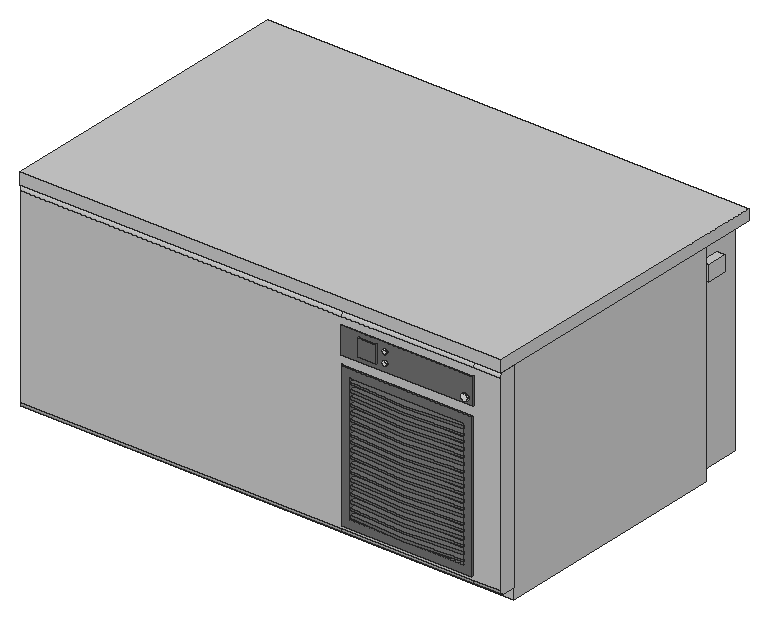
Revit family "QF_HOSHIZAKI_IM-240DNE-21", category Specialty Equipment, Revit 2016
Family settings
  Part Type = Normal
  Round Connector Dimension = Use Diameter
  OmniClass Number = 23.40.40.14
  OmniClass Title = Food Service Equipment
  Work Plane-Based = No
  Always vertical = Yes
  Cut with Voids When Loaded = No
  Shared = No
  Room Calculation Point = No
Parameters (values of type "IM-240DNE-21_240V/1Ph/60Hz")
  Weight = 88.00 kg
  Waste Remarks [instance] = ""
  Volts = 240 V
  URL Cutsheet = ""
  URL = "www.hoshizaki-europe.com"
  Status [instance] = ""
  Specification by User [instance] = ""
  Specification by Manufacturer [instance] = ""
  Serial Number = ""
  Seismic Rating = ""
  SMACNA No = ""
  Revision Code [instance] = ""
  Phase = 1
  Number of Poles = 2
  NAFEM Spec ID Number = ""
  Model = "IM-240DNE-21"
  Min Ckt Ampacity = 0 A
  Max Overcurrent Protection = 0 A
  Masterspec = ""
  Manufacturer = "HOSHIZAKI"
  Length Actual = 1084 mm
  Item Number [instance] = ""
  Installed By [instance] = ""
  Indirect Waste Size = 19.05 mm
  Indirect Waste Connection Type [instance] = ""
  Indirect Waste Connection Height [instance] = 53 mm
  Identify Quantity as Lot [instance] = no
  Height Actual = 500 mm
  HP power = ""
  Furnished By [instance] = ""
  Foodservice Equipment Identifier [instance] = yes
  FL Amps = 20 A
  Electric power = 1330 W
  Electric Connection Type [instance] = ""
  Elec Conn RI Height [instance] = 0 mm
  Elec Conn Connection Height [instance] = 409 mm
  Direct Waste RI Height [instance] = 0 mm
  Description = "MODULAR IM ICE MAKER, 240KG PER 24 HOURS, EXTRA SMALL CUBE, MODULAR - HORIZONTAL"
  Depth Actual = 700 mm
  Cycle = 60 Hz
  Cost = 0
  Conn Plug = ""
  Conn Conduit = no
  Cold Water Temperature Recommended = 0 °C
  Cold Water Size = 19.05 mm
  Cold Water Flow = 0.0 L/s
  Cold Water Connection Height [instance] = 419 mm
  CSI MasterFormat = ""
  Assembly Code = "E1090320"
  Apparent Power = 1330 VA
  Accessory = no
Types (2, lengths in mm): name | Volts | Cycle
  IM-240DNE-21_230V/1Ph/50Hz | 230 V | 50 Hz
  IM-240DNE-21_240V/1Ph/60Hz | 240 V | 60 Hz
Reference planes
  plane 1 "Center (Front/Back)": y = 0
  plane 2: z = 0
  plane 3 "Center (Left/Right)": x = 0
Forms (mm)
  Extrusion 1, solid, not visible
    sketch origin (-16, -65, 418) x (1, 0, 0) y (0, 1, 0)
      loop
        line (0, 0) -> (2, 0) -> (2, 2) -> (0, 2) -> (0, 0)
    from 0 to 2
  Extrusion 2, solid, not visible
    sketch origin (-16, -213, 52) x (1, 0, 0) y (0, 1, 0)
      loop
        line (0, 0) -> (2, 0) -> (2, 2) -> (0, 2) -> (0, 0)
    from 0 to 2
  Extrusion 3, solid, not visible
    sketch origin (1073, -77, 408) x (1, 0, 0) y (0, 1, 0)
      loop
        line (0, 0) -> (2, 0) -> (2, 2) -> (0, 2) -> (0, 0)
    from 0 to 2
  Extrusion 4, solid, not visible
    sketch origin (-16, -65, 418) x (1, 0, 0) y (0, 1, 0)
      loop
        line (0, 0) -> (2, 0) -> (2, 2) -> (0, 2) -> (0, 0)
    from 0 to 2
  Extrusion 5, solid, not visible
    sketch origin (-16, -213, 52) x (1, 0, 0) y (0, 1, 0)
      loop
        line (0, 0) -> (2, 0) -> (2, 2) -> (0, 2) -> (0, 0)
    from 0 to 2
  Extrusion 6, solid, not visible
    sketch origin (1073, -77, 408) x (1, 0, 0) y (0, 1, 0)
      loop
        line (0, 0) -> (2, 0) -> (2, 2) -> (0, 2) -> (0, 0)
    from 0 to 2
  Extrusion 7, solid, not visible
    sketch origin (-16, -65, 418) x (1, 0, 0) y (0, 1, 0)
      loop
        line (0, 0) -> (2, 0) -> (2, 2) -> (0, 2) -> (0, 0)
    from 0 to 2
  Extrusion 8, solid, not visible
    sketch origin (-16, -213, 52) x (1, 0, 0) y (0, 1, 0)
      loop
        line (0, 0) -> (2, 0) -> (2, 2) -> (0, 2) -> (0, 0)
    from 0 to 2
  Extrusion 9, solid, not visible
    sketch origin (1073, -77, 408) x (1, 0, 0) y (0, 1, 0)
      loop
        line (0, 0) -> (2, 0) -> (2, 2) -> (0, 2) -> (0, 0)
    from 0 to 2
  Extrusion 10, solid, not visible
    sketch origin (-16, -65, 418) x (1, 0, 0) y (0, 1, 0)
      loop
        line (0, 0) -> (2, 0) -> (2, 2) -> (0, 2) -> (0, 0)
    from 0 to 2
  Extrusion 11, solid, not visible
    sketch origin (-16, -213, 52) x (1, 0, 0) y (0, 1, 0)
      loop
        line (0, 0) -> (2, 0) -> (2, 2) -> (0, 2) -> (0, 0)
    from 0 to 2
  Extrusion 12, solid, not visible
    sketch origin (1073, -77, 408) x (1, 0, 0) y (0, 1, 0)
      loop
        line (0, 0) -> (2, 0) -> (2, 2) -> (0, 2) -> (0, 0)
    from 0 to 2
Dimensions and locks
  aligned and locked: level to plane 2
Nested families
  nested 1: "QF_HOSHIZAKI_IM-240DNE-21_230V_1Ph_50Hz" at (0, 0, 0), type "IM-240DNE-21_230V/1Ph/50Hz"
    with Show Clearance yes
Connectors
  piping at (-15, -63, 419), diameter 19.05, driven by "Cold Water Size", driven by "Cold Water Flow"
    settings: on Extrusion 1, index 1, connector inside diameter 609.6 mm, connector length 0 mm, flow factor 0, pipe flow 0.0 L/s, pressure drop 0.0 Pa, fitting loss kfactor 0, connector angle 0.00°, fixture units 0, engagement length 0 mm, angle of deflection 0.00°, flow configuration 1, flow direction 1, fitting loss method 0, system type 20, joint type 0, gender type 0, connector reference index -1, connector utility 0, adjustable connector no, is connector primary yes, connector description "Cold Water connection for 'IM-240DNE-21'"
  piping at (-15, -211, 53), diameter 19.05, driven by "Indirect Waste Size"
    settings: on Extrusion 2, index 2, connector inside diameter 609.6 mm, connector length 0 mm, flow factor 0, pipe flow 0.0 L/s, pressure drop 0.0 Pa, fitting loss kfactor 0, connector angle 0.00°, fixture units 0, engagement length 0 mm, angle of deflection 0.00°, flow configuration 1, flow direction 2, fitting loss method 0, system type 16, joint type 0, gender type 0, connector reference index -1, connector utility 0, adjustable connector no, is connector primary no, connector description "Drain connection for 'IM-240DNE-21'"
  electrical at (1074, -75, 409), driven by "Apparent Power", driven by "Number of Poles", driven by "Volts"
    settings: on Extrusion 3, index 3, voltage 240 V, apparent load 0 VA, apparent load phase1 1330 VA, apparent load phase2 0 VA, apparent load phase3 0 VA, power factor 1, load classification "Other", number of poles 2, system type 31, power factor state 1, is connector primary yes, connector utility no, sub classification motor no, connector description "Electric connection for 'IM-240DNE-21'"
  piping at (-15, -63, 419), diameter 19.05, driven by "Cold Water Size", driven by "Cold Water Flow"
    settings: on Extrusion 4, index 4, connector inside diameter 609.6 mm, connector length 0 mm, flow factor 0, pipe flow 0.0 L/s, pressure drop 0.0 Pa, fitting loss kfactor 0, connector angle 0.00°, fixture units 0, engagement length 0 mm, angle of deflection 0.00°, flow configuration 1, flow direction 1, fitting loss method 0, system type 20, joint type 0, gender type 0, connector reference index -1, connector utility 0, adjustable connector no, is connector primary no, connector description "Cold Water connection for 'IM-240DNE-21'"
  piping at (-15, -211, 53), diameter 19.05, driven by "Indirect Waste Size"
    settings: on Extrusion 5, index 5, connector inside diameter 609.6 mm, connector length 0 mm, flow factor 0, pipe flow 0.0 L/s, pressure drop 0.0 Pa, fitting loss kfactor 0, connector angle 0.00°, fixture units 0, engagement length 0 mm, angle of deflection 0.00°, flow configuration 1, flow direction 2, fitting loss method 0, system type 16, joint type 0, gender type 0, connector reference index -1, connector utility 0, adjustable connector no, is connector primary no, connector description "Drain connection for 'IM-240DNE-21'"
  electrical at (1074, -75, 409), driven by "Apparent Power", driven by "Number of Poles", driven by "Volts"
    settings: on Extrusion 6, index 6, voltage 240 V, apparent load 0 VA, apparent load phase1 1330 VA, apparent load phase2 0 VA, apparent load phase3 0 VA, power factor 1, load classification "Other", number of poles 2, system type 31, power factor state 1, is connector primary no, connector utility no, sub classification motor no, connector description "Electric connection for 'IM-240DNE-21'"
  piping at (-15, -63, 419), diameter 19.05, driven by "Cold Water Size", driven by "Cold Water Flow"
    settings: on Extrusion 7, index 7, connector inside diameter 609.6 mm, connector length 0 mm, flow factor 0, pipe flow 0.0 L/s, pressure drop 0.0 Pa, fitting loss kfactor 0, connector angle 0.00°, fixture units 0, engagement length 0 mm, angle of deflection 0.00°, flow configuration 1, flow direction 1, fitting loss method 0, system type 20, joint type 0, gender type 0, connector reference index -1, connector utility 0, adjustable connector no, is connector primary no, connector description "Cold Water connection for 'IM-240DNE-21'"
  piping at (-15, -211, 53), diameter 19.05, driven by "Indirect Waste Size"
    settings: on Extrusion 8, index 8, connector inside diameter 609.6 mm, connector length 0 mm, flow factor 0, pipe flow 0.0 L/s, pressure drop 0.0 Pa, fitting loss kfactor 0, connector angle 0.00°, fixture units 0, engagement length 0 mm, angle of deflection 0.00°, flow configuration 1, flow direction 2, fitting loss method 0, system type 16, joint type 0, gender type 0, connector reference index -1, connector utility 0, adjustable connector no, is connector primary no, connector description "Drain connection for 'IM-240DNE-21'"
  electrical at (1074, -75, 409), driven by "Apparent Power", driven by "Number of Poles", driven by "Volts"
    settings: on Extrusion 9, index 9, voltage 240 V, apparent load 0 VA, apparent load phase1 1330 VA, apparent load phase2 0 VA, apparent load phase3 0 VA, power factor 1, load classification "Other", number of poles 2, system type 31, power factor state 1, is connector primary no, connector utility no, sub classification motor no, connector description "Electric connection for 'IM-240DNE-21'"
  piping at (-15, -63, 419), diameter 19.05, driven by "Cold Water Size", driven by "Cold Water Flow"
    settings: on Extrusion 10, index 10, connector inside diameter 609.6 mm, connector length 0 mm, flow factor 0, pipe flow 0.0 L/s, pressure drop 0.0 Pa, fitting loss kfactor 0, connector angle 0.00°, fixture units 0, engagement length 0 mm, angle of deflection 0.00°, flow configuration 1, flow direction 1, fitting loss method 0, system type 20, joint type 0, gender type 0, connector reference index -1, connector utility 0, adjustable connector no, is connector primary no, connector description "Cold Water connection for 'IM-240DNE-21'"
  piping at (-15, -211, 53), diameter 19.05, driven by "Indirect Waste Size"
    settings: on Extrusion 11, index 11, connector inside diameter 609.6 mm, connector length 0 mm, flow factor 0, pipe flow 0.0 L/s, pressure drop 0.0 Pa, fitting loss kfactor 0, connector angle 0.00°, fixture units 0, engagement length 0 mm, angle of deflection 0.00°, flow configuration 1, flow direction 2, fitting loss method 0, system type 16, joint type 0, gender type 0, connector reference index -1, connector utility 0, adjustable connector no, is connector primary no, connector description "Drain connection for 'IM-240DNE-21'"
  electrical at (1074, -75, 409), driven by "Apparent Power", driven by "Number of Poles", driven by "Volts"
    settings: on Extrusion 12, index 12, voltage 240 V, apparent load 0 VA, apparent load phase1 1330 VA, apparent load phase2 0 VA, apparent load phase3 0 VA, power factor 1, load classification "Other", number of poles 2, system type 31, power factor state 1, is connector primary no, connector utility no, sub classification motor no, connector description "Electric connection for 'IM-240DNE-21'"
Definition of nested family "QF_HOSHIZAKI_IM-240DNE-21_230V_1Ph_50Hz"
  Parameters (values of type "IM-240DNE-21_230V/1Ph/50Hz")
    Width = 1084 mm
    URL = "www.hoshizaki-europe.com"
    Show Clearance [instance] = yes
    Model = "IM-240DNE-21"
    Manufacturer = "HOSHIZAKI"
    Height = 500 mm
    Description = "MODULAR IM ICE MAKER, 240KG PER 24 HOURS, EXTRA SMALL CUBE, MODULAR - HORIZONTAL"
    Depth = 700 mm
    Assembly Code = "E1090320"
  Types (31, lengths in mm): name | Width | Model | Height | Description | Depth
    IM-240DNE-HC | 1084 | "IM-240DNE-HC" | 500 | "EMERALD CLASS IM HYDROCARBON ICE MAKER, 210KG PER 24 HOURS, LARGE CUBE, MODULAR - HORIZONTAL" | 700
    IM-240XNE-HC | 1084 | "IM-240XNE-HC" | 500 | "EMERALD CLASS IM HYDROCARBON ICE MAKER, 210KG PER 24 HOURS, LARGE CUBE, MODULAR - EXTENSION" | 700
    IM-240DNE | 1084 | "IM-240DNE" | 500 | "MODULAR IM ICE MAKER, 240KG PER 24 HOURS, LARGE CUBE, MODULAR - HORIZONTAL" | 700
    IM-240DNE-21_230V/1Ph/50Hz | 1084 | "IM-240DNE-21" | 500 | "MODULAR IM ICE MAKER, 240KG PER 24 HOURS, EXTRA SMALL CUBE, MODULAR - HORIZONTAL" | 700
    IM-240DNE-23 | 1084 | "IM-240DNE-23" | 500 | "MODULAR IM ICE MAKER, 240KG PER 24 HOURS, MEDIUM CUBE, MODULAR - HORIZONTAL" | 700
    IM-240DNE-32 | 1084 | "IM-240DNE-32" | 500 | "MODULAR IM ICE MAKER, 240KG PER 24 HOURS, EXTRA LARGE CUBE, MODULAR - HORIZONTAL" | 700
    IM-240DSNE | 1084 | "IM-240DSNE" | 500 | "MODULAR IM ICE MAKER, 240KG PER 24 HOURS, LARGE CUBE, REMOTE CONDENSER" | 700
    IM-240DSNE-23 | 1084 | "IM-240DSNE-23" | 500 | "MODULAR IM ICE MAKER, 240KG PER 24 HOURS, MEDIUM CUBE, REMOTE CONDENSER" | 700
    IM-240DWNE | 1084 | "IM-240DWNE" | 500 | "MODULAR IM ICE MAKER, 240KG PER 24 HOURS, LARGE CUBE, MODULAR - HORIZONTAL, WATER COOLED" | 700
    IM-240DWNE-21 | 1084 | "IM-240DWNE-21" | 500 | "MODULAR IM ICE MAKER, 240KG PER 24 HOURS, EXTRA SMALL CUBE, MODULAR - HORIZONTAL, WATER COOLED" | 700
    IM-240DWNE-23 | 1084 | "IM-240DWNE-23" | 500 | "MODULAR IM ICE MAKER, 240KG PER 24 HOURS, MEDIUM CUBE, MODULAR - HORIZONTAL, WATER COOLED" | 700
    IM-240DWNE-32 | 1084 | "IM-240DWNE-32" | 500 | "MODULAR IM ICE MAKER, 240KG PER 24 HOURS, EXTRA LARGE CUBE, MODULAR - HORIZONTAL, WATER COOLED" | 700
    IM-240XNE | 1084 | "IM-240XNE" | 500 | "MODULAR IM ICE MAKER, 240KG PER 24 HOURS, LARGE CUBE, MODULAR - EXTENSION" | 700
    IM-240XNE-21 | 1084 | "IM-240XNE-21" | 500 | "MODULAR IM ICE MAKER, 240KG PER 24 HOURS, EXTRA SMALL CUBE, MODULAR - EXTENSION" | 700
    IM-240XNE-23 | 1084 | "IM-240XNE-23" | 500 | "MODULAR IM ICE MAKER, 240KG PER 24 HOURS, MEDIUM CUBE, MODULAR - EXTENSION" | 700
    IM-240XNE-32 | 1084 | "IM-240XNE-32" | 500 | "MODULAR IM ICE MAKER, 240KG PER 24 HOURS, EXTRA LARGE CUBE, MODULAR - EXTENSION" | 700
    IM-240XSNE | 1084 | "IM-240XSNE" | 500 | "MODULAR IM ICE MAKER, 240KG PER 24 HOURS, LARGE CUBE, MODULAR - EXTENSION, REMOTE CONDENSER" | 700
    IM-240XSNE-23 | 1084 | "IM-240XSNE-23" | 500 | "MODULAR IM ICE MAKER, 240KG PER 24 HOURS, MEDIUM CUBE, MODULAR - EXTENSION, REMOTE CONDENSER" | 700
    IM-240XWNE | 1084 | "IM-240XWNE" | 500 | "MODULAR IM ICE MAKER, 240KG PER 24 HOURS, LARGE CUBE, MODULAR - EXTENSION, WATER COOLED" | 700
    IM-240XWNE-21 | 1084 | "IM-240XWNE-21" | 500 | "MODULAR IM ICE MAKER, 240KG PER 24 HOURS, EXTRA SMALL CUBE, MODULAR - EXTENSION, WATER COOLED" | 700
    IM-240XWNE-23 | 1084 | "IM-240XWNE-23" | 500 | "MODULAR IM ICE MAKER, 240KG PER 24 HOURS, MEDIUM CUBE, MODULAR - EXTENSION, WATER COOLED" | 700
    IM-240XWNE-32 | 1084 | "IM-240XWNE-32" | 500 | "MODULAR IM ICE MAKER, 240KG PER 24 HOURS, EXTRA LARGE CUBE, MODULAR - EXTENSION, WATER COOLED" | 700
    IM-240DNE-C | 1084 | "IM-240DNE-C" | 500 | "IM CYLINDER ICE MAKER, 240KG PER 24 HOURS, CYLINDER ICE, MODULAR - HORIZONTAL" | 700
    IM-240DWNE-C | 1084 | "IM-240DWNE-C" | 500 | "IM CYLINDER ICE MAKER, 240KG PER 24 HOURS, CYLINDER ICE, MODULAR - HORIZONTAL, WATER COOLED" | 700
    IM-240XNE-C | 1084 | "IM-240XNE-C" | 500 | "IM CYLINDER ICE MAKER, 240KG PER 24 HOURS, CYLINDER ICE, MODULAR - EXTENSION" | 700
    IM-240XWNE-C | 1084 | "IM-240XWNE-C" | 500 | "IM CYLINDER ICE MAKER, 240KG PER 24 HOURS, CYLINDER ICE, MODULAR - EXTENSION, WATER COOLED" | 700
    IM-240DNE-HC-23 | 1084 | "IM-240DNE-HC-23" | 500 | "EMERALD CLASS IM HYDROCARBON ICE MAKER, 180KG PER 24 HOURS, MEDIUM CUBE, MODULAR - EXTENSION" | 700
    IM-240DNE-HC-32 | 1084 | "IM-240DNE-HC-32" | 500 | "EMERALD CLASS IM HYDROCARBON ICE MAKER, 190KG PER 24 HOURS, EXTRA LARGE CUBE, MODULAR - EXTENSION" | 700
    IM-240XNE-HC-23 | 1082 | "IM-240XNE-HC-23" | 485 | "EMERALD CLASS IM HYDROCARBON ICE MAKER, 180KG PER 24 HOURS, MEDIUM CUBE, MODULAR - EXTENSION" | 697
    IM-240XNE-HC-32 | 1082 | "IM-240XNE-HC-32" | 485 | "EMERALD CLASS IM HYDROCARBON ICE MAKER, 190KG PER 24 HOURS, EXTRA LARGE CUBE, MODULAR - EXTENSION" | 697
    IM-240DNE-HC-21 | 1084 | "IM-240DNE-HC-21" | 500 | "EMERALD CLASS IM HYDROCARBON ICE MAKER, 205KG PER 24 HOURS, EXTRA SMALL CUBE, MODULAR - EXTENSION" | 700
  Reference planes
    plane 1 "Back": y = 0
    plane 2: z = 0
    plane 3 "Left": x = 0
    plane 4 "Right": x = 1084
    plane 5 "Front": y = -700
    plane 6 "Top": z = 500
    plane 7: y = -702
    plane 8: z = 488
  Forms (mm)
    Extrusion 1, solid
      sketch origin (166.25, -249, 193) x (0, 1, 0) y (0, 0, 1)
        loop
          line (-414, -170) -> (-414, 280) -> (-441, 280)
          arc (-441, 280) -> (-448.071, 277.071) -> (-451, 270) r 10
          line (-451, 270) -> (-451, -160)
          arc (-451, -160) -> (-448.071, -167.071) -> (-441, -170) r 10
          line (-441, -170) -> (-414, -170)
      from 559.75 to -166.25
    Extrusion 2, solid
      sketch origin (-20, -211, 53) x (0, 1, 0) y (0, 0, 1)
        loop
          circle (0, 0) r 14
        loop
          circle (0, 0) r 12
      from 0 to 20
    Extrusion 3, solid
      sketch origin (-16, -63, 419) x (0, 1, 0) y (0, 0, 1)
        loop
          circle (0, 0) r 14
        loop
          circle (0, 0) r 12
      from 0 to 16
    Extrusion 4, solid
      sketch origin (1024, -249, 193) x (0, 1, 0) y (0, 0, 1)
        loop
          line (-414, -170) -> (-414, 280) -> (-441, 280)
          arc (-441, 280) -> (-448.071, 277.071) -> (-451, 270) r 10
          line (-451, 270) -> (-451, -160)
          arc (-451, -160) -> (-448.071, -167.071) -> (-441, -170) r 10
          line (-441, -170) -> (-414, -170)
      from 0 to 60
    Extrusion 5, solid
      sketch origin (726, -249, 193) x (0, 1, 0) y (0, 0, 1)
        loop
          line (-414, -170) -> (-414, -153) -> (-451, -153) -> (-451, -160)
          arc (-451, -160) -> (-448.071, -167.071) -> (-441, -170) r 10
          line (-441, -170) -> (-414, -170)
        loop
          line (-451, 270) -> (-451, 174) -> (-414, 174) -> (-414, 280) -> (-441, 280)
          arc (-441, 280) -> (-448.071, 277.071) -> (-451, 270) r 10
      from 0 to 298
    Extrusion 6, solid
      sketch origin (568.75, -852, 28) x (1, 0, 0) y (0, 0, 1)
        loop
          line (159.25, 337) -> (159.25, 14) -> (453.25, 14) -> (453.25, 337) -> (159.25, 337)
        loop
          line (177.25, 319) -> (177.25, 32) -> (435.25, 32) -> (435.25, 319) -> (177.25, 319)
      from -150 to -160
    Extrusion 7, solid
      sketch origin (568.75, -249, 170) x (1, 0, 0) y (0, 1, 0)
        loop
          line (177.25, -443) -> (177.25, -454.474)
          arc (177.25, -454.474) -> (306.295, -461.632) -> (435.25, -453) r 1057.927
          line (435.25, -453) -> (435.25, -443) -> (177.25, -443)
      from 0 to 5
    Extrusion 8, solid
      sketch origin (568.75, -249, 185) x (1, 0, 0) y (0, 1, 0)
        loop
          line (177.25, -443) -> (177.25, -454.474)
          arc (177.25, -454.474) -> (306.295, -461.632) -> (435.25, -453) r 1057.927
          line (435.25, -453) -> (435.25, -443) -> (177.25, -443)
      from 0 to 5
    Extrusion 9, solid
      sketch origin (568.75, -249, 200) x (1, 0, 0) y (0, 1, 0)
        loop
          line (177.25, -443) -> (177.25, -454.474)
          arc (177.25, -454.474) -> (306.295, -461.632) -> (435.25, -453) r 1057.927
          line (435.25, -453) -> (435.25, -443) -> (177.25, -443)
      from 0 to 5
    Extrusion 10, solid
      sketch origin (568.75, -249, 215) x (1, 0, 0) y (0, 1, 0)
        loop
          line (177.25, -443) -> (177.25, -454.474)
          arc (177.25, -454.474) -> (306.295, -461.632) -> (435.25, -453) r 1057.927
          line (435.25, -453) -> (435.25, -443) -> (177.25, -443)
      from 0 to 5
    Extrusion 11, solid
      sketch origin (568.75, -249, 230) x (1, 0, 0) y (0, 1, 0)
        loop
          line (177.25, -443) -> (177.25, -454.474)
          arc (177.25, -454.474) -> (306.295, -461.632) -> (435.25, -453) r 1057.927
          line (435.25, -453) -> (435.25, -443) -> (177.25, -443)
      from 0 to 5
    Extrusion 12, solid
      sketch origin (568.75, -249, 245) x (1, 0, 0) y (0, 1, 0)
        loop
          line (177.25, -443) -> (177.25, -454.474)
          arc (177.25, -454.474) -> (306.295, -461.632) -> (435.25, -453) r 1057.927
          line (435.25, -453) -> (435.25, -443) -> (177.25, -443)
      from 0 to 5
    Extrusion 13, solid
      sketch origin (568.75, -249, 260) x (1, 0, 0) y (0, 1, 0)
        loop
          line (177.25, -443) -> (177.25, -454.474)
          arc (177.25, -454.474) -> (306.295, -461.632) -> (435.25, -453) r 1057.927
          line (435.25, -453) -> (435.25, -443) -> (177.25, -443)
      from 0 to 5
    Extrusion 14, solid
      sketch origin (568.75, -249, 275) x (1, 0, 0) y (0, 1, 0)
        loop
          line (177.25, -443) -> (177.25, -454.474)
          arc (177.25, -454.474) -> (306.295, -461.632) -> (435.25, -453) r 1057.927
          line (435.25, -453) -> (435.25, -443) -> (177.25, -443)
      from 0 to 5
    Extrusion 15, solid
      sketch origin (568.75, -249, 290) x (1, 0, 0) y (0, 1, 0)
        loop
          line (177.25, -443) -> (177.25, -454.474)
          arc (177.25, -454.474) -> (306.295, -461.632) -> (435.25, -453) r 1057.927
          line (435.25, -453) -> (435.25, -443) -> (177.25, -443)
      from 0 to 5
    Extrusion 16, solid
      sketch origin (568.75, -249, 305) x (1, 0, 0) y (0, 1, 0)
        loop
          line (177.25, -443) -> (177.25, -454.474)
          arc (177.25, -454.474) -> (306.295, -461.632) -> (435.25, -453) r 1057.927
          line (435.25, -453) -> (435.25, -443) -> (177.25, -443)
      from 0 to 5
    Extrusion 17, solid
      sketch origin (568.75, -249, 320) x (1, 0, 0) y (0, 1, 0)
        loop
          line (177.25, -443) -> (177.25, -454.474)
          arc (177.25, -454.474) -> (306.295, -461.632) -> (435.25, -453) r 1057.927
          line (435.25, -453) -> (435.25, -443) -> (177.25, -443)
      from 0 to 5
    Extrusion 18, solid
      sketch origin (568.75, -249, 335) x (1, 0, 0) y (0, 1, 0)
        loop
          line (177.25, -443) -> (177.25, -454.474)
          arc (177.25, -454.474) -> (306.295, -461.632) -> (435.25, -453) r 1057.927
          line (435.25, -453) -> (435.25, -443) -> (177.25, -443)
      from 0 to 5
    Extrusion 19, solid
      sketch origin (568.75, -249, 110) x (1, 0, 0) y (0, 1, 0)
        loop
          line (177.25, -443) -> (177.25, -454.474)
          arc (177.25, -454.474) -> (306.295, -461.632) -> (435.25, -453) r 1057.927
          line (435.25, -453) -> (435.25, -443) -> (177.25, -443)
      from 0 to 5
    Extrusion 20, solid
      sketch origin (568.75, -249, 125) x (1, 0, 0) y (0, 1, 0)
        loop
          line (177.25, -443) -> (177.25, -454.474)
          arc (177.25, -454.474) -> (306.295, -461.632) -> (435.25, -453) r 1057.927
          line (435.25, -453) -> (435.25, -443) -> (177.25, -443)
      from 0 to 5
    Extrusion 21, solid
      sketch origin (568.75, -249, 140) x (1, 0, 0) y (0, 1, 0)
        loop
          line (177.25, -443) -> (177.25, -454.474)
          arc (177.25, -454.474) -> (306.295, -461.632) -> (435.25, -453) r 1057.927
          line (435.25, -453) -> (435.25, -443) -> (177.25, -443)
      from 0 to 5
    Extrusion 22, solid
      sketch origin (568.75, -249, 155) x (1, 0, 0) y (0, 1, 0)
        loop
          line (177.25, -443) -> (177.25, -454.474)
          arc (177.25, -454.474) -> (306.295, -461.632) -> (435.25, -453) r 1057.927
          line (435.25, -453) -> (435.25, -443) -> (177.25, -443)
      from 0 to 5
    Extrusion 23, solid
      sketch origin (568.75, -249, 65) x (1, 0, 0) y (0, 1, 0)
        loop
          line (177.25, -443) -> (177.25, -454.474)
          arc (177.25, -454.474) -> (306.295, -461.632) -> (435.25, -453) r 1057.927
          line (435.25, -453) -> (435.25, -443) -> (177.25, -443)
      from 0 to 5
    Extrusion 24, solid
      sketch origin (568.75, -249, 80) x (1, 0, 0) y (0, 1, 0)
        loop
          line (177.25, -443) -> (177.25, -454.474)
          arc (177.25, -454.474) -> (306.295, -461.632) -> (435.25, -453) r 1057.927
          line (435.25, -453) -> (435.25, -443) -> (177.25, -443)
      from 0 to 5
    Extrusion 25, solid
      sketch origin (568.75, -249, 95) x (1, 0, 0) y (0, 1, 0)
        loop
          line (177.25, -443) -> (177.25, -454.474)
          arc (177.25, -454.474) -> (306.295, -461.632) -> (435.25, -453) r 1057.927
          line (435.25, -453) -> (435.25, -443) -> (177.25, -443)
      from 0 to 5
    Extrusion 26, solid
      sketch origin (0, -700, -10) x (1, 0, 0) y (0, 0, 1)
        loop
          line (726, 397) -> (1024, 397) -> (1024, 457) -> (726, 457) -> (726, 397)
      from 0 to 2
    Extrusion 27, solid
      sketch origin (0, -702, 0) x (1, 0, 0) y (0, 0, 1)
        loop
          line (766.139, 436.277) -> (766.139, 396.277) -> (806.139, 396.277) -> (806.139, 436.277) -> (766.139, 436.277)
      from 0 to 2
    Extrusion 28, solid
      sketch origin (0, -702, 0) x (1, 0, 0) y (0, 0, 1)
        loop
          circle (825.63, 428.086) r 5
        loop
          circle (825.63, 404.468) r 5
      from 0 to 2
    Extrusion 29, solid
      sketch origin (0, -702, 0) x (1, 0, 0) y (0, 0, 1)
        loop
          circle (1006.481, 399.95) r 7.5
      from 3 to 0
    Extrusion 30, solid
      sketch origin (0, 0, 0) x (1, 0, 0) y (0, 1, 0)
        loop
          line (0, 0) -> (0, -663) -> (1084, -663) -> (1084, -120) -> (1054, -120) -> (1054, 0) -> (0, 0)
      from 0 to 475
    Extrusion 31, solid
      sketch origin (0, 0, 0) x (1, 0, 0) y (0, 1, 0)
        loop
          line (0, 0) -> (0, -700) -> (1084, -700) -> (1084, 0) -> (0, 0)
      from 500 to 475
    Extrusion 32, solid
      sketch origin (1254, 1.923, 57.766) x (0, 1, 0) y (0, 0, 1)
        loop
          line (-101.026, 368.734) -> (-101.026, 333.734) -> (-54.923, 333.734) -> (-54.923, 368.734) -> (-101.026, 368.734)
      from -180 to -200
  Cuts and joins
    joined: Extrusion 1, Extrusion 4, Extrusion 5
  Lines and regions (mm)
    symbolic lines
      curve 1: line (0, 0, 0) -> (1084, 0, 0)
      curve 2: line (0, -700, 0) -> (0, 0, 0)
      curve 3: line (1084, -700, 0) -> (0, -700, 0)
      curve 4: line (1084, 0, 0) -> (1084, -700, 0)
      curve 5: line (-16, -49, 0) -> (0, -49, 0)
      curve 6: line (-16, -49, 0) -> (-16, -77, 0)
      curve 7: line (-16, -77, 0) -> (0, -77, 0)
      curve 8: line (-20, -197, 0) -> (0, -197, 0)
      curve 9: line (-20, -197, 0) -> (-20, -225, 0)
      curve 10: line (-20, -225, 0) -> (0, -225, 0)
  Dimensions and locks
    plane 5 "Front" to Extrusion 30 = 700 mm
    locked: Extrusion 30 sketch curve to curve 4 at 30
    locked: Extrusion 30 to Extrusion 32 at 20
    "Width": plane 4 "Right" to plane 3 "Left"
    locked: Extrusion 28 to Extrusion 27 at 2
    locked: plane 5 "Front" to Extrusion 26 at 2
    Extrusion 29 to Extrusion 28 = 0 mm
    locked: plane 5 "Front" to Extrusion 6 at 8
    locked: plane 7 to plane 5 "Front" at 2
    "Depth": plane 5 "Front" to plane 1 "Back"
    locked: plane 5 "Front" to Extrusion 29 at 5
    locked: Extrusion 31 to plane 6 "Top" at 25
    cut or joined group of Extrusion 1, Extrusion 4, Extrusion 5 to plane 8 to plane 6 "Top" = 15 mm, 12 mm
    "Height": plane 6 "Top" to level
    aligned and locked: level to plane 2
    aligned and locked: Extrusion 31 to plane 4 "Right"
    aligned and locked: Extrusion 32 to Extrusion 30
    aligned and locked: Extrusion 4 to plane 4 "Right"
    aligned and locked: Extrusion 4 to Extrusion 5  (x2)
    aligned and locked: plane 4 "Right" to curve 4
    aligned and locked: Extrusion 31 to plane 5 "Front"
    aligned and locked: Extrusion 1 sketch curve to plane 5 "Front"
    aligned and locked: Extrusion 27 to Extrusion 26
    aligned and locked: plane 5 "Front" to Extrusion 26
    aligned and locked: Extrusion 28 to Extrusion 26
    aligned and locked: plane 7 to Extrusion 6
    aligned and locked: Extrusion 29 to Extrusion 26
    aligned and locked: plane 6 "Top" to Extrusion 31
    aligned and locked: Extrusion 30 to Extrusion 31
  Automatic sketch dimensions
    Extrusion 2 sketch curve to Extrusion 2 sketch curve = 0 mm  (x2)
    level to Extrusion 2 sketch curve = 53 mm
    plane 1 "Back" to Extrusion 2 sketch curve = 211 mm
    Extrusion 3 sketch curve to Extrusion 3 sketch curve = 0 mm  (x2)
    plane 1 "Back" to Extrusion 3 sketch curve = 63 mm
    Extrusion 3 sketch curve to plane 6 "Top" = 81 mm
    Extrusion 4 sketch curve to plane 5 "Front" = 0 mm
    Extrusion 4 sketch curve to Extrusion 4 sketch curve = 10 mm
    plane 5 "Front" to Extrusion 4 sketch curve = 10 mm
    Extrusion 4 sketch curve to Extrusion 4 sketch curve = 27 mm
    level to Extrusion 4 sketch curve = 23 mm
    Extrusion 4 sketch curve to plane 6 "Top" = 37 mm
    Extrusion 5 sketch curve to plane 5 "Front" = 0 mm  (x2)
    plane 5 "Front" to Extrusion 5 sketch curve = 10 mm  (x2)
    Extrusion 5 sketch curve to Extrusion 5 sketch curve = 27 mm  (x2)
    level to Extrusion 5 sketch curve = 23 mm
    Extrusion 5 sketch curve to Extrusion 5 sketch curve = 7 mm
    Extrusion 5 sketch curve to plane 6 "Top" = 133 mm
    Extrusion 5 sketch curve to plane 6 "Top" = 37 mm
    level to Extrusion 6 sketch curve = 42 mm
    plane 4 "Right" to Extrusion 6 sketch curve = 356 mm
    Extrusion 6 sketch curve to Extrusion 6 sketch curve = 18 mm  (x4)
    plane 4 "Right" to Extrusion 6 sketch curve = 80 mm
    Extrusion 6 sketch curve to plane 6 "Top" = 153 mm
    plane 5 "Front" to Extrusion 7 sketch curve = 8 mm
    plane 4 "Right" to Extrusion 7 sketch curve = 338 mm
    plane 4 "Right" to Extrusion 7 sketch curve = 215 mm
    plane 4 "Right" to Extrusion 7 sketch curve = 80 mm
    Extrusion 7 sketch curve to plane 5 "Front" = 2 mm
    Extrusion 7 sketch curve to Extrusion 7 sketch curve = 11.474 mm
    plane 5 "Front" to Extrusion 8 sketch curve = 8 mm
    plane 4 "Right" to Extrusion 8 sketch curve = 338 mm
    plane 4 "Right" to Extrusion 8 sketch curve = 215 mm
    plane 4 "Right" to Extrusion 8 sketch curve = 80 mm
    Extrusion 8 sketch curve to plane 5 "Front" = 2 mm
    Extrusion 8 sketch curve to Extrusion 8 sketch curve = 11.474 mm
    plane 5 "Front" to Extrusion 9 sketch curve = 8 mm
    plane 4 "Right" to Extrusion 9 sketch curve = 338 mm
    plane 4 "Right" to Extrusion 9 sketch curve = 215 mm
    plane 4 "Right" to Extrusion 9 sketch curve = 80 mm
    Extrusion 9 sketch curve to plane 5 "Front" = 2 mm
    Extrusion 9 sketch curve to Extrusion 9 sketch curve = 11.474 mm
    plane 5 "Front" to Extrusion 10 sketch curve = 8 mm
    plane 4 "Right" to Extrusion 10 sketch curve = 338 mm
    plane 4 "Right" to Extrusion 10 sketch curve = 215 mm
    plane 4 "Right" to Extrusion 10 sketch curve = 80 mm
    Extrusion 10 sketch curve to plane 5 "Front" = 2 mm
    Extrusion 10 sketch curve to Extrusion 10 sketch curve = 11.474 mm
    plane 5 "Front" to Extrusion 11 sketch curve = 8 mm
    plane 4 "Right" to Extrusion 11 sketch curve = 338 mm
    plane 4 "Right" to Extrusion 11 sketch curve = 215 mm
    plane 4 "Right" to Extrusion 11 sketch curve = 80 mm
    Extrusion 11 sketch curve to plane 5 "Front" = 2 mm
    Extrusion 11 sketch curve to Extrusion 11 sketch curve = 11.474 mm
    plane 5 "Front" to Extrusion 12 sketch curve = 8 mm
    plane 4 "Right" to Extrusion 12 sketch curve = 338 mm
    plane 4 "Right" to Extrusion 12 sketch curve = 215 mm
    plane 4 "Right" to Extrusion 12 sketch curve = 80 mm
    Extrusion 12 sketch curve to plane 5 "Front" = 2 mm
    Extrusion 12 sketch curve to Extrusion 12 sketch curve = 11.474 mm
    plane 5 "Front" to Extrusion 13 sketch curve = 8 mm
    plane 4 "Right" to Extrusion 13 sketch curve = 338 mm
    plane 4 "Right" to Extrusion 13 sketch curve = 215 mm
    plane 4 "Right" to Extrusion 13 sketch curve = 80 mm
    Extrusion 13 sketch curve to plane 5 "Front" = 2 mm
    Extrusion 13 sketch curve to Extrusion 13 sketch curve = 11.474 mm
    plane 5 "Front" to Extrusion 14 sketch curve = 8 mm
    plane 4 "Right" to Extrusion 14 sketch curve = 338 mm
    plane 4 "Right" to Extrusion 14 sketch curve = 215 mm
    plane 4 "Right" to Extrusion 14 sketch curve = 80 mm
    Extrusion 14 sketch curve to plane 5 "Front" = 2 mm
    Extrusion 14 sketch curve to Extrusion 14 sketch curve = 11.474 mm
    plane 5 "Front" to Extrusion 15 sketch curve = 8 mm
    plane 4 "Right" to Extrusion 15 sketch curve = 338 mm
    plane 4 "Right" to Extrusion 15 sketch curve = 215 mm
    plane 4 "Right" to Extrusion 15 sketch curve = 80 mm
    Extrusion 15 sketch curve to plane 5 "Front" = 2 mm
    Extrusion 15 sketch curve to Extrusion 15 sketch curve = 11.474 mm
    plane 5 "Front" to Extrusion 16 sketch curve = 8 mm
    plane 4 "Right" to Extrusion 16 sketch curve = 338 mm
    plane 4 "Right" to Extrusion 16 sketch curve = 215 mm
    plane 4 "Right" to Extrusion 16 sketch curve = 80 mm
    Extrusion 16 sketch curve to plane 5 "Front" = 2 mm
    Extrusion 16 sketch curve to Extrusion 16 sketch curve = 11.474 mm
    plane 5 "Front" to Extrusion 17 sketch curve = 8 mm
    plane 4 "Right" to Extrusion 17 sketch curve = 338 mm
    plane 4 "Right" to Extrusion 17 sketch curve = 215 mm
    plane 4 "Right" to Extrusion 17 sketch curve = 80 mm
    Extrusion 17 sketch curve to plane 5 "Front" = 2 mm
    Extrusion 17 sketch curve to Extrusion 17 sketch curve = 11.474 mm
    plane 5 "Front" to Extrusion 18 sketch curve = 8 mm
    plane 4 "Right" to Extrusion 18 sketch curve = 338 mm
    plane 4 "Right" to Extrusion 18 sketch curve = 215 mm
    plane 4 "Right" to Extrusion 18 sketch curve = 80 mm
    Extrusion 18 sketch curve to plane 5 "Front" = 2 mm
    Extrusion 18 sketch curve to Extrusion 18 sketch curve = 11.474 mm
    plane 5 "Front" to Extrusion 19 sketch curve = 8 mm
    plane 4 "Right" to Extrusion 19 sketch curve = 338 mm
    plane 4 "Right" to Extrusion 19 sketch curve = 215 mm
    plane 4 "Right" to Extrusion 19 sketch curve = 80 mm
    Extrusion 19 sketch curve to plane 5 "Front" = 2 mm
    Extrusion 19 sketch curve to Extrusion 19 sketch curve = 11.474 mm
    plane 5 "Front" to Extrusion 20 sketch curve = 8 mm
    plane 4 "Right" to Extrusion 20 sketch curve = 338 mm
    plane 4 "Right" to Extrusion 20 sketch curve = 215 mm
    plane 4 "Right" to Extrusion 20 sketch curve = 80 mm
    Extrusion 20 sketch curve to plane 5 "Front" = 2 mm
    Extrusion 20 sketch curve to Extrusion 20 sketch curve = 11.474 mm
    plane 5 "Front" to Extrusion 21 sketch curve = 8 mm
    plane 4 "Right" to Extrusion 21 sketch curve = 338 mm
    plane 4 "Right" to Extrusion 21 sketch curve = 215 mm
    plane 4 "Right" to Extrusion 21 sketch curve = 80 mm
    Extrusion 21 sketch curve to plane 5 "Front" = 2 mm
    Extrusion 21 sketch curve to Extrusion 21 sketch curve = 11.474 mm
    plane 5 "Front" to Extrusion 22 sketch curve = 8 mm
    plane 4 "Right" to Extrusion 22 sketch curve = 338 mm
    plane 4 "Right" to Extrusion 22 sketch curve = 215 mm
    plane 4 "Right" to Extrusion 22 sketch curve = 80 mm
    Extrusion 22 sketch curve to plane 5 "Front" = 2 mm
    Extrusion 22 sketch curve to Extrusion 22 sketch curve = 11.474 mm
    plane 5 "Front" to Extrusion 23 sketch curve = 8 mm
    plane 4 "Right" to Extrusion 23 sketch curve = 338 mm
    plane 4 "Right" to Extrusion 23 sketch curve = 215 mm
    plane 4 "Right" to Extrusion 23 sketch curve = 80 mm
    Extrusion 23 sketch curve to plane 5 "Front" = 2 mm
    Extrusion 23 sketch curve to Extrusion 23 sketch curve = 11.474 mm
    plane 5 "Front" to Extrusion 24 sketch curve = 8 mm
    plane 4 "Right" to Extrusion 24 sketch curve = 338 mm
    plane 4 "Right" to Extrusion 24 sketch curve = 215 mm
    plane 4 "Right" to Extrusion 24 sketch curve = 80 mm
    Extrusion 24 sketch curve to plane 5 "Front" = 2 mm
    Extrusion 24 sketch curve to Extrusion 24 sketch curve = 11.474 mm
    plane 5 "Front" to Extrusion 25 sketch curve = 8 mm
    plane 4 "Right" to Extrusion 25 sketch curve = 338 mm
    plane 4 "Right" to Extrusion 25 sketch curve = 215 mm
    plane 4 "Right" to Extrusion 25 sketch curve = 80 mm
    Extrusion 25 sketch curve to plane 5 "Front" = 2 mm
    Extrusion 25 sketch curve to Extrusion 25 sketch curve = 11.474 mm
    Extrusion 26 sketch curve to plane 6 "Top" = 53 mm
    plane 4 "Right" to Extrusion 26 sketch curve = 358 mm
    plane 4 "Right" to Extrusion 26 sketch curve = 60 mm
    Extrusion 26 sketch curve to Extrusion 26 sketch curve = 60 mm
    Extrusion 27 sketch curve to plane 6 "Top" = 103.723 mm
    plane 4 "Right" to Extrusion 27 sketch curve = 317.861 mm
    Extrusion 27 sketch curve to Extrusion 27 sketch curve = 40 mm  (x2)
    Extrusion 28 sketch curve to plane 6 "Top" = 95.532 mm
    plane 4 "Right" to Extrusion 28 sketch curve = 258.37 mm
    Extrusion 28 sketch curve to Extrusion 28 sketch curve = 0 mm
    Extrusion 28 sketch curve to Extrusion 28 sketch curve = 23.618 mm
    plane 4 "Right" to Extrusion 29 sketch curve = 77.519 mm
    Extrusion 29 sketch curve to plane 6 "Top" = 100.05 mm
    Extrusion 30 sketch curve to plane 3 "Left" = 0 mm
    Extrusion 30 sketch curve to plane 4 "Right" = 0 mm
    plane 1 "Back" to Extrusion 30 sketch curve = 0 mm
    plane 1 "Back" to Extrusion 30 sketch curve = 120 mm
    plane 5 "Front" to Extrusion 30 sketch curve = 37 mm
    Extrusion 31 sketch curve to plane 3 "Left" = 0 mm
    Extrusion 31 sketch curve to plane 4 "Right" = 0 mm
    Extrusion 31 sketch curve to plane 5 "Front" = 0 mm
    plane 1 "Back" to Extrusion 31 sketch curve = 0 mm
    plane 1 "Back" to Extrusion 32 sketch curve = 99.103 mm
    Extrusion 32 sketch curve to Extrusion 32 sketch curve = 46.103 mm
    Extrusion 32 sketch curve to plane 6 "Top" = 108.5 mm
    Extrusion 32 sketch curve to Extrusion 32 sketch curve = 35 mm
    curve 5 to plane 3 "Left" = 0 mm
    curve 3 to plane 5 "Front" = 0 mm
    plane 1 "Back" to curve 2 = 0 mm
    curve 6 to plane 3 "Left" = 16 mm
    curve 8 to plane 3 "Left" = 20 mm
    plane 1 "Back" to curve 9 = 225 mm
    curve 9 to curve 9 = 28 mm
    plane 1 "Back" to curve 6 = 77 mm
    curve 6 to curve 5 = 28 mm
    plane 5 "Front" to Extrusion 1 sketch curve = 10 mm  (x2)
    Extrusion 1 sketch curve to Extrusion 1 sketch curve = 27 mm
    level to Extrusion 1 sketch curve = 23 mm
    Extrusion 1 sketch curve to plane 6 "Top" = 37 mm
    radius of Extrusion 2 sketch curve = 14 mm
    radius of Extrusion 2 sketch curve = 12 mm
    radius of Extrusion 3 sketch curve = 14 mm
    radius of Extrusion 3 sketch curve = 12 mm
    radius of Extrusion 28 sketch curve = 5 mm  (x2)
    radius of Extrusion 29 sketch curve = 7.5 mm
  Connectors
    piping at (-20, -211, 53), diameter 19.05
      settings: on Extrusion 2, index 1, connector inside diameter 609.6 mm, connector length 0 mm, flow factor 0, pipe flow 0.0 L/s, pressure drop 0.0 Pa, fitting loss kfactor 0, connector angle 0.00°, fixture units 0, engagement length 0 mm, angle of deflection 0.00°, flow configuration 1, flow direction 2, fitting loss method 0, system type 16, joint type 0, gender type 0, connector reference index -1, connector utility 0, adjustable connector no, is connector primary yes, connector description "Indirect Waste Connection"
    piping at (-16, -63, 419), diameter 19.05
      settings: on Extrusion 3, index 3, connector inside diameter 609.6 mm, connector length 0 mm, flow factor 0, pipe flow 0.0 L/s, pressure drop 0.0 Pa, fitting loss kfactor 0, connector angle 0.00°, fixture units 0, engagement length 0 mm, angle of deflection 0.00°, flow configuration 1, flow direction 1, fitting loss method 0, system type 20, joint type 0, gender type 0, connector reference index -1, connector utility 0, adjustable connector no, is connector primary no, connector description "Cold Water Connection"
    electrical at (1064, -53, 409)
      settings: on Extrusion 32, index 4, voltage 230 V, apparent load 0 VA, apparent load phase1 930 VA, apparent load phase2 0 VA, apparent load phase3 0 VA, power factor 1, load classification none, number of poles 1, system type 31, power factor state 1, is connector primary yes, connector utility no, sub classification motor no, connector description "Electrical Connection"
